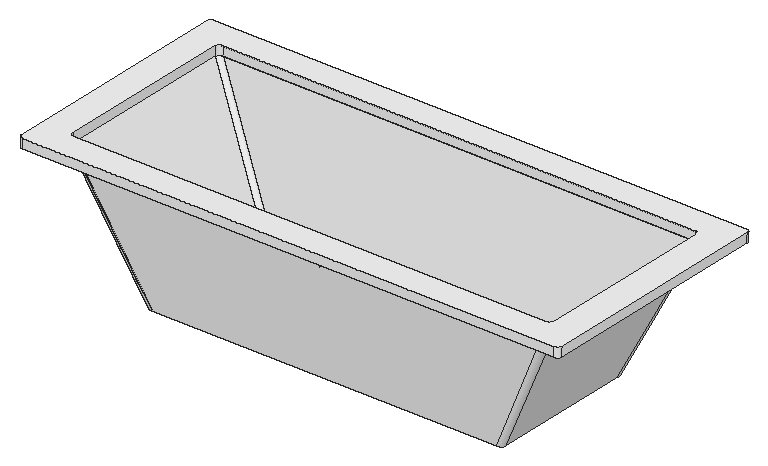
Revit family "NLRS_74_PF_UN_bad_S8H0E000000_SPHINX_BCB", category Plumbing Fixtures, Revit 2016
Family settings
  Part Type = Normal
  Round Connector Dimension = Use Radius
  OmniClass Number = 23.45.00.00
  OmniClass Title = Sanitary, Laundry, and Cleaning Equipment
  Work Plane-Based = No
  Always vertical = Yes
  Cut with Voids When Loaded = No
  Shared = No
  Room Calculation Point = No
Parameters (values of type "420 bad 180x80")
  NLRS_C_type = ""
  NLRS_C_serie = ""
  radius = 25 mm
  NLRS_C_revit_versie = "2016"
  NLRS_C_content_versie = "2.0"
  NLRS_C_content_provider = "BouwConnect"
  NLRS_C_content_datum_uitgifte = "APR-2018"
  NLRS_C_content_datum_gewijzigd = "APR-2018"
  NLRS_C_content_creator = "BouwConnect"
  NLRS_C_URL_product_data = "http://www.sphinx.nl/producten/baden/rechthoekige-baden/sphinx-b75-%7C-duobad-b75420/30211/"
  NLRS_C_code_artikel = "S8H0E000000"
  Waste Connection = yes
  WFU = 0
  URL = "http://www.sphinx.nl/"
  NLRS_S_gewicht = 26.50 kg
  NLRS_C_lengte = 1800 mm
  NLRS_C_hoogte = 470 mm
  NLRS_C_diameter_uit = 50 mm
  NLRS_C_breedte = 800 mm
  Model = ""
  Manufacturer = "Sphinx"
  Keynote = "bad"
  IfcTypeProduct = "IfcSanitaryTerminalType"
  IfcExportType = "BATH"
  IfcExportAs = "IfcSanitaryTerminalTypeEnum"
  IfcElement = "IfcFlowTerminal"
  NLRS_C_code_EAN = "8711754076105"
  Description = "bad"
  NLRS_C_URL_BCB = "http://bcb-online.nl/?zoekterm=Sphinx+++%5bGeberit+B.V.%5d"
  Assembly Code = "4(74.11)"
  NLRS_C_materiaal_01 = none
  NLRS_C_materiaal = none
Reference planes
  plane 1 "Center (Front/Back)": y = 0
  plane 2: z = 0
  plane 3 "Center (Left/Right)": x = 0
Forms (mm)
  Extrusion 1, solid, material <- "NLRS_C_materiaal_01", detail levels medium+fine
    sketch origin (0.978, -53.084, -470) x (1, 0, 0) y (0, 1, 0)
      loop
        circle (899.022, -346.916) r 26
    from -10 to 0
  Extrusion 2, void, detail levels fine
    sketch origin (-50, -118, -470) x (1, 0, 0) y (0, 1, 0)
      loop
        circle (950, -282) r 23
    from -20 to 10
  Revolve 3, solid, material <- "NLRS_C_materiaal_01", detail levels fine
    sketch origin (-50, -400, -470) x (1, 0, 0) y (0, 0, 1)
      loop
        arc (920.939, 11) -> (907.985, 9.448) -> (895.764, 4.881) r 54.847
        arc (895.764, 4.881) -> (895.444, 4.657) -> (895.194, 4.356) r 1.467
        arc (895.194, 4.356) -> (895.093, 3.653) -> (895.545, 3.106) r 0.878
        arc (895.545, 3.106) -> (896.133, 3.026) -> (896.725, 3) r 6.633
        line (896.725, 3) -> (950, 3) -> (950, 11) -> (920.939, 11)
      axis (950, 3) -> (950, 11)
    angle from 0 to 360
  Revolve 4, solid, material <- "NLRS_C_materiaal_01", detail levels fine
    sketch origin (1850, -786, -78) x (-1, 0, 0) y (0, -1, 0)
      loop
        line (950, -72) -> (910, -72) -> (910, -87)
        arc (910, -87) -> (914.393, -97.607) -> (925, -102) r 15
        line (925, -102) -> (950, -102) -> (950, -72)
      axis (950, -102) -> (950, -72)
    angle from 0 to 360
  Extrusion 5, solid, material <- "NLRS_C_materiaal", detail levels medium+fine
    sketch origin (0, 0, 0) x (1, 0, 0) y (0, 1, 0)
      loop
        line (100, -400) -> (100, -105)
        arc (100, -105) -> (104.393, -94.393) -> (115, -90) r 15
        line (115, -90) -> (1685, -90)
        arc (1685, -90) -> (1695.607, -94.393) -> (1700, -105) r 15
        line (1700, -105) -> (1700, -400) -> (1800, -400) -> (1800, -15)
        arc (1800, -15) -> (1795.607, -4.393) -> (1785, 0) r 15
        line (1785, 0) -> (15, 0)
        arc (15, 0) -> (4.393, -4.393) -> (0, -15) r 15
        line (0, -15) -> (0, -400) -> (100, -400)
    from -30 to 0
  Extrusion 6, solid, material <- "NLRS_C_materiaal", detail levels medium+fine
    sketch origin (0, -800, 0) x (1, 0, 0) y (0, 1, 0)
      loop
        line (100, 400) -> (0, 400) -> (0, 15)
        arc (0, 15) -> (4.393, 4.393) -> (15, 0) r 15
        line (15, 0) -> (1785, 0)
        arc (1785, 0) -> (1795.607, 4.393) -> (1800, 15) r 15
        line (1800, 15) -> (1800, 400) -> (1700, 400) -> (1700, 105)
        arc (1700, 105) -> (1695.607, 94.393) -> (1685, 90) r 15
        line (1685, 90) -> (115, 90)
        arc (115, 90) -> (104.393, 94.393) -> (100, 105) r 15
        line (100, 105) -> (100, 400)
    from -30 to 0
  Blend 7, void, detail levels medium+fine
    base sketch origin (0, 0, 0) x (1, 0, 0) y (0, 1, 0)
      loop
        arc (310, -631) -> (314.393, -641.607) -> (325, -646) r 15
        line (325, -646) -> (1475, -646)
        arc (1475, -646) -> (1485.607, -641.607) -> (1490, -631) r 15
        line (1490, -631) -> (1490, -169)
        arc (1490, -169) -> (1485.607, -158.393) -> (1475, -154) r 15
        line (1475, -154) -> (325, -154)
        arc (325, -154) -> (314.393, -158.393) -> (310, -169) r 15
        line (310, -169) -> (310, -631)
    top sketch origin (0, 0, 0) x (1, 0, 0) y (0, 1, 0)
      loop
        line (100, -105) -> (100, -695)
        arc (100, -695) -> (104.393, -705.607) -> (115, -710) r 15
        line (115, -710) -> (1685, -710)
        arc (1685, -710) -> (1695.607, -705.607) -> (1700, -695) r 15
        line (1700, -695) -> (1700, -105)
        arc (1700, -105) -> (1695.607, -94.393) -> (1685, -90) r 15
        line (1685, -90) -> (115, -90)
        arc (115, -90) -> (104.393, -94.393) -> (100, -105) r 15
    from -466 to -30
  Blend 8, solid, material <- "NLRS_C_materiaal", detail levels medium+fine
    base sketch origin (0, 0, 0) x (1, 0, 0) y (0, 1, 0)
      loop
        line (306, -169) -> (306, -631)
        arc (306, -631) -> (311.565, -644.435) -> (325, -650) r 19
        line (325, -650) -> (1475, -650)
        arc (1475, -650) -> (1488.435, -644.435) -> (1494, -631) r 19
        line (1494, -631) -> (1494, -169)
        arc (1494, -169) -> (1488.435, -155.565) -> (1475, -150) r 19
        line (1475, -150) -> (325, -150)
        arc (325, -150) -> (311.565, -155.565) -> (306, -169) r 19
    top sketch origin (0, 0, 0) x (1, 0, 0) y (0, 1, 0)
      loop
        arc (94, -695) -> (100.151, -709.849) -> (115, -716) r 21
        line (115, -716) -> (1685, -716)
        arc (1685, -716) -> (1699.849, -709.849) -> (1706, -695) r 21
        line (1706, -695) -> (1706, -105)
        arc (1706, -105) -> (1699.849, -90.151) -> (1685, -84) r 21
        line (1685, -84) -> (115, -84)
        arc (115, -84) -> (100.151, -90.151) -> (94, -105) r 21
        line (94, -105) -> (94, -695)
    from -470.001 to -30
  Extrusion 9, solid, material <- "NLRS_C_materiaal", detail levels coarse
    sketch origin (0, 0, -470) x (1, 0, 0) y (0, 1, 0)
      loop
        line (0, -800) -> (1800, -800) -> (1800, 0) -> (0, 0) -> (0, -800)
    from 0 to 470
  Extrusion 10, void, detail levels coarse
    sketch origin (0, 0, -470) x (1, 0, 0) y (0, 1, 0)
      loop
        arc (115, -86) -> (101.565, -91.565) -> (96, -105) r 19
        line (96, -105) -> (96, -695)
        arc (96, -695) -> (101.565, -708.435) -> (115, -714) r 19
        line (115, -714) -> (1685, -714)
        arc (1685, -714) -> (1698.435, -708.435) -> (1704, -695) r 19
        line (1704, -695) -> (1704, -105)
        arc (1704, -105) -> (1698.435, -91.565) -> (1685, -86) r 19
        line (1685, -86) -> (115, -86)
    from 50 to 550
  Extrusion 11, void, detail levels medium+fine
    sketch origin (0, 0, -470) x (0, 1, 0) y (0, 0, 1)
      loop
        line (-711.093, 436.117) -> (-749.387, 436.117) -> (-749.387, 336.022) -> (-697.025, 336.022) -> (-711.093, 436.117)
    from 842.381 to 957.92
  Extrusion 12, solid, not visible
    sketch origin (0, 0, -470) x (1, 0, 0) y (0, 1, 0)
      loop
        circle (900, -400) r 25
    from 0 to 5
Cuts and joins
  Extrusion 2, Extrusion 10 cuts Extrusion 1
  Extrusion 2, Extrusion 10 cuts Revolve 3
  Blend 7, Extrusion 10 cuts Extrusion 9
  Extrusion 2, Blend 7 cuts Blend 8
  Extrusion 11 cuts Revolve 4
  Extrusion 2 cuts Extrusion 5
  Extrusion 2 cuts Extrusion 6
  joined: Extrusion 5, Extrusion 6
Dimensions and locks
  aligned and locked: level to plane 2
Connectors
  piping at (900, -400, -470), diameter 50, driven by "WFU", driven by "radius"
    settings: on Extrusion 12, index 1, connector inside diameter 50 mm, connector length 0 mm, flow factor 0, pipe flow 0.0 L/s, pressure drop 0.0 Pa, fitting loss kfactor 0, connector angle 0.00°, fixture units 0, engagement length 0 mm, angle of deflection 0.00°, flow configuration 3, flow direction 2, fitting loss method 0, system type 16, joint type 0, gender type 0, connector reference index -1, connector utility 0, adjustable connector no, is connector primary yes, connector description "out"
